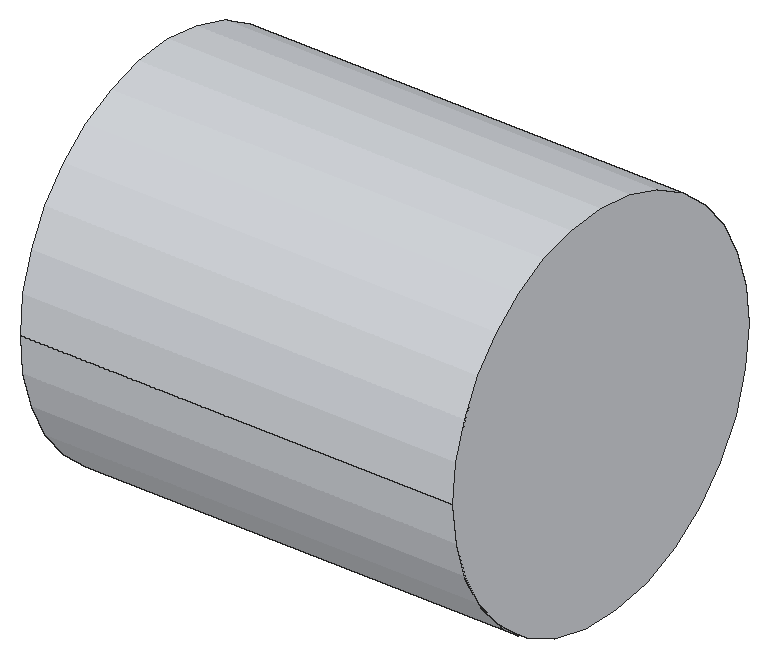
Revit family "M_Cobertura - Soldado - Genérico", category Conexões de tubo, Revit 2019
Family settings
  Cota do conector redondo = Usar raio
  Tipo de parte = Cobertura
  Número OmniClass = 23.60.30.11.14
  Título OmniClass = Pipework Fittings
  ID de item do Seek = Cap - Welded - Generic-0000-CAN-ENU
  Com base no plano de trabalho = Não
  Sempre na vertical = Sim
  Corte com vazios quando carregada = Não
  Compartilhado = Não
Parameters (values of type "Padrão")
  Raio nominal [instance] = 7.5 mm
  Diâmetro nominal [instance] = Raio nominal * 2  # 15 mm
  Método de perda = Não definido
  Nome da tabela de pesquisa = "M_Cap - Welded - Generic"
  Altura [instance] = size_lookup(Nome da tabela de pesquisa, "Hgt", 0.28 * Diâmetro nominal + 45.442 mm, Diâmetro nominal)  # 25 mm
  Raio externo da conexão [instance] = Diâmetro externo da conexão / 2  # 10.65 mm
  Diâmetro externo da conexão [instance] = size_lookup(Nome da tabela de pesquisa, "FOD", Diâmetro nominal + 10.418 mm, Diâmetro nominal)  # 21.3 mm
Reference planes
  plane 1 "Centro (Frente/Trás)": y = 0
  plane 2: z = 0
  plane 3 "Centro (Esquerda/Direita)": x = 0
  plane 4: x = 25
  plane 5: y = 10.65
  plane 6: y = -10.65
Forms (mm)
  Extrusion 1, solid, detail levels fine
    sketch origin (0, 0, 0) x (0, 1, 0) y (0, 0, 1)
      loop
        circle (0, 0) r 10.65
    from 0 to 25
Lines and regions (mm)
  model lines, detail levels coarse+medium
    curve 1: line (0, 10.65, 0) -> (25, 10.65, 0)
    curve 2: line (0, -10.65, 0) -> (25, -10.65, 0)
    curve 3: line (25, 10.65, 0) -> (25, -10.65, 0)
Dimensions and locks
  "Altura": plane 3 "Centro (Esquerda/Direita)" to plane 4
  "Raio externo da conexão": plane 5 to plane 1 "Centro (Frente/Trás)"
  "Raio externo da conexão": plane 1 "Centro (Frente/Trás)" to plane 6
  "Raio externo da conexão": radius of Extrusion 1 sketch curve
  aligned and locked: plane 1 "Centro (Frente/Trás)" to Extrusion 1 sketch curve
  aligned and locked: plane 2 to Extrusion 1 sketch curve
  aligned and locked: Extrusion 1 to plane 3 "Centro (Esquerda/Direita)"
  aligned and locked: plane 4 to Extrusion 1
  aligned and locked: plane 3 "Centro (Esquerda/Direita)" to curve 1
  aligned and locked: plane 3 "Centro (Esquerda/Direita)" to curve 2
  aligned and locked: plane 4 to curve 2
  aligned and locked: curve 2 to plane 6
  aligned and locked: curve 1 to plane 5
  aligned and locked: plane 6 to curve 3
  aligned and locked: plane 5 to curve 3
  aligned and locked: curve 3 to plane 4
Connectors
  piping at (0, 0, 0), diameter 15, driven by "Raio nominal"
    settings: on Extrusion 1, index 1, connector inside diameter 15 mm, connector length 0 mm, flow factor 0, pipe flow 0.0 L/s, pressure drop 0.0 Pa, fitting loss kfactor 0, connector angle 0.00°, fixture units 0, engagement length 0 mm, angle of deflection 0.00°, flow configuration 0, flow direction 0, fitting loss method 0, system type 28, joint type 0, gender type 0, connector reference index -1, connector utility 0, adjustable connector no, is connector primary yes, connector description ""
